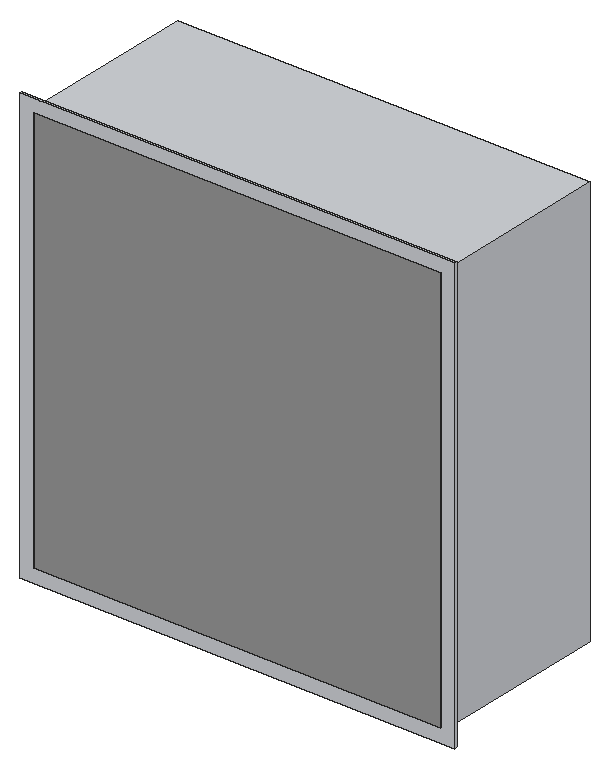
Revit family "MS-FB", category Mechanical Equipment, Revit 2015
Parameters
  URL = "https://unitedenertech.com/catalog/pdf/K_3%20MS-FB.pdf"
  Type Comments = "Consult Factory for Max. Sizes"
  Model = "MS-FB"
  Manufacturer = "United Enertech Corporation"
  Length (16" Standard) = 1' - 4"
  Keynote = ""
  Exact Width = 3' - 0"
  Exact Height = 3' - 0"
  Description = "Maximum Security"
Reference planes (in)
  plane 1 "Center (Front/Back)": y = 0
  plane 2: z = 0
  plane 3 "Center (Left/Right)": x = 0
  plane 4: x = -18
  plane 5: x = 18
  plane 6: z = 18
  plane 7: z = -18
  plane 8: x = -17.8125
  plane 9: z = 17.8125
  plane 10: x = -19
  plane 11: z = 19
  plane 12: x = 17.8125
  plane 13: x = 19
  plane 14: z = -17.8125
  plane 15: z = -19
  plane 16: y = 16
  plane 17: y = 0.1875
  plane 18: y = 0.6875
  plane 19: y = 0.822
Forms (in)
  Extrusion 1, solid
    sketch origin (0, 0, 0) x (1, 0, 0) y (0, 0, 1)
      loop
        line (-19, -19) -> (19, -19) -> (19, 19) -> (-19, 19) -> (-19, -19)
      loop
        line (-17.8125, -17.8125) -> (17.8125, -17.8125) -> (17.8125, 17.8125) -> (-17.8125, 17.8125) -> (-17.8125, -17.8125)
    from -0.1875 to 0
  Extrusion 2, solid, material "Steel"
    sketch origin (0, 0, 0) x (1, 0, 0) y (0, 0, 1)
      loop
        line (-17.8125, -17.8125) -> (17.8125, -17.8125) -> (17.8125, 17.8125) -> (-17.8125, 17.8125) -> (-17.8125, -17.8125)
    from -0.1875 to 0
  Extrusion 3, solid
    sketch origin (0, 0, 0) x (1, 0, 0) y (0, 0, 1)
      loop
        line (-18, -18) -> (18, -18) -> (18, 18) -> (-18, 18) -> (-18, -18)
      loop
        line (-17.8125, -17.8125) -> (17.8125, -17.8125) -> (17.8125, 17.8125) -> (-17.8125, 17.8125) -> (-17.8125, -17.8125)
    from -16 to -0.1875
  Extrusion 4, solid, material "Steel AISI 1015"
    sketch origin (0, 0, 0) x (1, 0, 0) y (0, 0, 1)
      loop
        line (-17.8125, -17.8125) -> (17.8125, -17.8125) -> (17.8125, 17.8125) -> (-17.8125, 17.8125) -> (-17.8125, -17.8125)
    from -0.822 to -0.6875
Dimensions and locks (in)
  equal spacing: plane 4, plane 3 "Center (Left/Right)", plane 5
  "Exact Width": plane 4 to plane 5
  equal spacing: plane 6, level, plane 7
  "Exact Height": plane 6 to plane 7
  locked: plane 4 to plane 10 at 1
  locked: plane 4 to plane 8 at 0.1875
  locked: plane 12 to plane 5 at 0.1875
  locked: plane 5 to plane 13 at 1
  locked: plane 6 to plane 9 at 0.1875
  locked: plane 11 to plane 6 at 1
  locked: plane 14 to plane 7 at 0.1875
  locked: plane 7 to plane 15 at 1
  "Length (16" Standard)": plane 1 "Center (Front/Back)" to plane 16
  locked: plane 17 to plane 1 "Center (Front/Back)" at 0.1875
  locked: plane 18 to plane 17 at 0.5
  locked: plane 19 to plane 18 at 0.1345
  aligned and locked: level to plane 2
  aligned and locked: Extrusion 1 sketch curve to plane 10
  aligned and locked: plane 11 to Extrusion 1 sketch curve
  aligned and locked: Extrusion 1 sketch curve to plane 13
  aligned and locked: plane 15 to Extrusion 1 sketch curve
  aligned and locked: plane 14 to Extrusion 1 sketch curve
  aligned and locked: Extrusion 1 sketch curve to plane 8
  aligned and locked: Extrusion 1 sketch curve to plane 12
  aligned and locked: plane 9 to Extrusion 1 sketch curve
  aligned and locked: plane 1 "Center (Front/Back)" to Extrusion 1
  aligned and locked: plane 9 to Extrusion 2 sketch curve
  aligned and locked: Extrusion 2 sketch curve to plane 12
  aligned and locked: Extrusion 2 sketch curve to plane 8
  aligned and locked: plane 14 to Extrusion 2 sketch curve
  aligned and locked: plane 1 "Center (Front/Back)" to Extrusion 2
  aligned and locked: plane 17 to Extrusion 1
  aligned and locked: plane 17 to Extrusion 2
  aligned and locked: plane 4 to Extrusion 3 sketch curve
  aligned and locked: Extrusion 3 sketch curve to plane 7
  aligned and locked: Extrusion 3 sketch curve to plane 5
  aligned and locked: plane 6 to Extrusion 3 sketch curve
  aligned and locked: plane 9 to Extrusion 3 sketch curve
  aligned and locked: Extrusion 3 sketch curve to plane 8
  aligned and locked: Extrusion 3 sketch curve to plane 12
  aligned and locked: plane 14 to Extrusion 3 sketch curve
  aligned and locked: plane 16 to Extrusion 3
  aligned and locked: Extrusion 3 to plane 17
  aligned and locked: Extrusion 4 sketch curve to plane 8
  aligned and locked: plane 9 to Extrusion 4 sketch curve
  aligned and locked: Extrusion 4 sketch curve to plane 12
  aligned and locked: plane 14 to Extrusion 4 sketch curve
  aligned and locked: plane 19 to Extrusion 4
  aligned and locked: Extrusion 4 to plane 18
